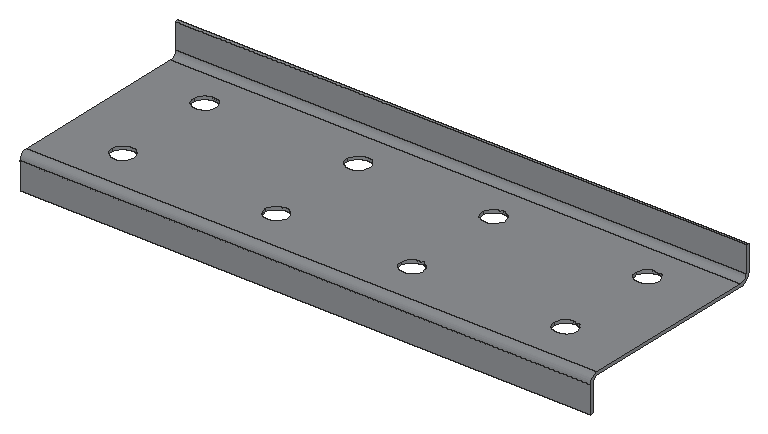
Revit family "Connection-Splice Plate-Steel & Tube-HST", category Structural Connections, host Face, Revit 2017
Family settings
  Host = Face
  Material for Model Behavior = Steel
  OmniClass Number = 23.25.05.17.11
  OmniClass Title = Column Bases
  Enable cutting in views = Yes
  Cut with Voids When Loaded = No
  Shared = Yes
Parameters (values of type "HST150")
  m = if(Height_ANZRS = 250 mm, 180 mm, 120 mm)  # 120 mm
  g = if(Height_ANZRS = 152 mm, 80 mm, if(Height_ANZRS = 203 mm, 120 mm, if(Height_ANZRS = 250 mm, 160 mm, if(Height_ANZRS = 300 mm, 200 mm, if(Height_ANZRS = 350 mm, 240 mm, 280 mm)))))  # 80 mm
  Width_ANZRS = PlateThickness_ANZRS + (2 * Flange)  # 51.95 mm
  Uniclass2015Version = "2015"  # constant formula
  Uniclass2015Title = "Cold-formed galvanized steel sections"  # constant formula
  Uniclass2015Code = "Pr_20_76_51_21"  # constant formula
  URL = "http://www.steelandtube.co.nz"
  Type Comments = "HST Steel Purlin Splicing Plate"  # constant formula
  SpecificationReference = "3411ST"  # constant formula
  SpecificationDescription = "Steel & Tube Purlins & Girts"  # constant formula
  PlateThickness_ANZRS = if(Height_ANZRS < 300 mm, 1.95 mm, 3 mm)  # 1.95 mm
  ModifiedIssue_ANZRS = 20160520.01  # constant formula
  Model = if(Height_ANZRS = 152 mm, "HST150", if(Height_ANZRS = 203 mm, "HST200", if(Height_ANZRS = 250 mm, "HST250", if(Height_ANZRS = 300 mm, "HST300", if(Height_ANZRS = 350 mm, "HST350", "HST400")))))  # "HST150"
  Material_ANZRS = Metal-Steel-450MPa
  Material Standard = "Steel & Tube’s HST purlins and Girts profiles are manufactured from materials conforming to AS1397:2011"  # constant formula
  ManufacturerURL = "http://www.steelandtube.co.nz"
  ManufacturerName = Manufacturer  # "Steel & Tube"
  Manufacturer = "Steel & Tube"  # constant formula
  Length_ANZRS = 106 mm + (2 * End Calculation)  # 446 mm
  Height_ANZRS = 152 mm
  Flange = if(Height_ANZRS < 300 mm, 25 mm, 45 mm)  # 25 mm
  Extra Bolt Position Calculation = if(Height_ANZRS < 300 mm, 500 mm, m)  # 500 mm
  End Calculation = if(Height_ANZRS < 300 mm, m + 50 mm, (2 * m) + 50 mm)  # 170 mm
  Disclaimer [instance] = "Steel & Tube makes no representations or warranties about the information in this document, including (but not limited to) whether the information, and any materials referred to, are fit for purpose. The user is responsible for ensuring that the information, and any materials referred to, are fit for the purpose for which they are intended to be used. Except as required by law, Steel & Tube is not liable for any cost, loss, claim or expense incurred by any person as a result of any person using or relying on the information in this document."  # constant formula
  Design Standard = "Steel & Tube’s HST purlins and Girts profiles are designed in accordance with AS/NZS 4600:2005."  # constant formula
  Design Instruction = "All the design information should be cross referenced with the current Steel & Tube Purlins and Girts design guide, and AS/NZS 4600:2005"  # constant formula
  Description = "HST Steel Purlins and Girts are high strength lipped profile sections, providing an economic solution for your building project."  # constant formula
  Default Elevation = 0 mm
  CreatedBy_ANZRS = "Design Content"  # constant formula
  CreatedByURL_ANZRS = "http://www.designcontent.com.au"
  CBIDescription = "Structural steelwork"  # constant formula
  CBICode = "3411"  # constant formula
  Assembly Code = "B1020230"
Reference planes
  plane 1 "Center (Front/Back)": y = 0
  plane 2: z = 0
  plane 3 "Center (Left/Right)": x = 0
  plane 4 "Beam Top": y = 76
  plane 5 "Beam Bottom": y = -76
  plane 6 "Top Flange Underside": y = 74.05
  plane 7 "Bottom Flange Underside": y = -77.95
  plane 8: z = 1.95
  plane 9: z = 26.95
  plane 10: z = -25
  plane 11: x = -3
  plane 12: x = 3
  plane 13 "Left Middle Bolt Centre": x = -53
  plane 14 "Right Middle Bolt Centre": x = 53
  plane 15 "Left": x = -223
  plane 16 "Right": x = 223
  plane 17 "Left Bolt Centre": x = -173
  plane 18 "Right Bolt Centre": x = 173
  plane 19: x = -553
  plane 20: x = 553
  plane 21 "Upper Bolt": y = 40
  plane 22 "Lower Bolt": y = -40
Forms (mm)
  Sweep 1, solid, material "Metal-Steel-450MPa" <- "Material_ANZRS", detail levels medium
    path origin (0, 0, 0) x (1, 0, 0) y (0, 1, 0)
      loop
        line (-223, 0) -> (223, 0)
    profile origin (0, 0, 0) x (0, 1, 0) y (0, 0, 1)
      loop
        line (76, 26.95) -> (74.05, 26.95) -> (74.05, 1.95) -> (-77.95, 1.95) -> (-77.95, -25) -> (-76, -25) -> (-76, 0) -> (76, 0) -> (76, 26.95)
  Sweep 2, solid, material "Metal-Steel-450MPa" <- "Material_ANZRS", detail levels fine
    path origin (0, 0, 0) x (1, 0, 0) y (0, 1, 0)
      loop
        line (-223, 0) -> (223, 0)
    profile origin (0, 0, 0) x (0, 1, 0) y (0, 0, 1)
      loop
        line (76, 26.95) -> (74.05, 26.95) -> (74.05, 6.95)
        arc (74.05, 6.95) -> (72.586, 3.414) -> (69.05, 1.95) r 5
        line (69.05, 1.95) -> (-72, 1.95)
        arc (-72, 1.95) -> (-76.207, 0.207) -> (-77.95, -4) r 5.95
        line (-77.95, -4) -> (-77.95, -25) -> (-76, -25) -> (-76, -4)
        arc (-76, -4) -> (-74.828, -1.172) -> (-72, 0) r 4
        line (-72, 0) -> (69.05, 0)
        arc (69.05, 0) -> (73.964, 2.036) -> (76, 6.95) r 6.95
        line (76, 6.95) -> (76, 26.95)
  Extrusion 3, void
    sketch origin (0, 0, 0) x (1, 0, 0) y (0, 1, 0)
      loop
        circle (-173, 40) r 9
      loop
        circle (-173, -40) r 9
      loop
        circle (-53, 40) r 9
      loop
        circle (-53, -40) r 9
      loop
        circle (53, 40) r 9
      loop
        circle (53, -40) r 9
      loop
        circle (173, 40) r 9
      loop
        circle (173, -40) r 9
    from -25 to 26.95
  Extrusion 4, void
    sketch origin (0, 0, 0) x (1, 0, 0) y (0, 1, 0)
      loop
        circle (-553, 40) r 9
      loop
        circle (-553, -40) r 9
      loop
        circle (553, 40) r 9
      loop
        circle (553, -40) r 9
    from -25 to 26.95
Cuts and joins
  Extrusion 3, Extrusion 4 cuts Sweep 2
Dimensions and locks
  equal spacing: plane 5 "Beam Bottom", plane 1 "Center (Front/Back)", plane 4 "Beam Top"
  "Height_ANZRS": plane 5 "Beam Bottom" to plane 4 "Beam Top"
  "PlateThickness_ANZRS": plane 6 "Top Flange Underside" to plane 4 "Beam Top"
  "PlateThickness_ANZRS": plane 7 "Bottom Flange Underside" to plane 5 "Beam Bottom"
  "PlateThickness_ANZRS": plane 8 to plane 2
  "Flange": plane 2 to plane 10
  "Flange": plane 9 to plane 8
  equal spacing: plane 11, plane 3 "Center (Left/Right)", plane 12
  locked: plane 11 to plane 12 at 6
  locked: plane 13 "Left Middle Bolt Centre" to plane 11 at 50
  locked: plane 12 to plane 14 "Right Middle Bolt Centre" at 50
  "End Calculation": plane 15 "Left" to plane 13 "Left Middle Bolt Centre"
  "End Calculation": plane 14 "Right Middle Bolt Centre" to plane 16 "Right"
  "Extra Bolt Position Calculation": plane 19 to plane 13 "Left Middle Bolt Centre"
  "Extra Bolt Position Calculation": plane 14 "Right Middle Bolt Centre" to plane 20
  locked: plane 15 "Left" to plane 17 "Left Bolt Centre" at 50
  locked: plane 18 "Right Bolt Centre" to plane 16 "Right" at 50
  equal spacing: plane 22 "Lower Bolt", plane 1 "Center (Front/Back)", plane 21 "Upper Bolt"
  "g": plane 22 "Lower Bolt" to plane 21 "Upper Bolt"
  radius of Sweep 2 sketch curve = 5 mm
  radius of Sweep 2 sketch curve = 4 mm
  aligned and locked: plane 2 to host face
  aligned and locked: level to host face
  aligned and locked: plane 1 "Center (Front/Back)" to Sweep 1 sketch curve
  aligned and locked: plane 15 "Left" to Sweep 1 sketch curve
  aligned and locked: plane 16 "Right" to Sweep 1 sketch curve
  aligned and locked: Sweep 1 sketch curve to plane 4 "Beam Top"
  aligned and locked: plane 6 "Top Flange Underside" to Sweep 1 sketch curve
  aligned and locked: plane 9 to Sweep 1 sketch curve
  aligned and locked: plane 7 "Bottom Flange Underside" to Sweep 1 sketch curve
  aligned and locked: Sweep 1 sketch curve to plane 5 "Beam Bottom"
  aligned and locked: Sweep 1 sketch curve to plane 10
  aligned and locked: Sweep 1 sketch curve to plane 2
  aligned and locked: plane 8 to Sweep 1 sketch curve
  aligned and locked: plane 1 "Center (Front/Back)" to Sweep 2 sketch curve
  aligned and locked: plane 15 "Left" to Sweep 2 sketch curve
  aligned and locked: plane 16 "Right" to Sweep 2 sketch curve
  aligned and locked: Sweep 2 sketch curve to plane 4 "Beam Top"
  aligned and locked: plane 6 "Top Flange Underside" to Sweep 2 sketch curve
  aligned and locked: plane 9 to Sweep 2 sketch curve
  aligned and locked: plane 8 to Sweep 2 sketch curve
  aligned and locked: Sweep 2 sketch curve to plane 2
  aligned and locked: Sweep 2 sketch curve to plane 5 "Beam Bottom"
  aligned and locked: plane 7 "Bottom Flange Underside" to Sweep 2 sketch curve
  aligned and locked: Sweep 2 sketch curve to plane 10
  aligned and locked: plane 17 "Left Bolt Centre" to Extrusion 3 sketch curve  (x2)
  aligned and locked: plane 21 "Upper Bolt" to Extrusion 3 sketch curve  (x4)
  aligned and locked: plane 22 "Lower Bolt" to Extrusion 3 sketch curve  (x4)
  aligned and locked: plane 18 "Right Bolt Centre" to Extrusion 3 sketch curve  (x2)
  aligned and locked: plane 14 "Right Middle Bolt Centre" to Extrusion 3 sketch curve  (x2)
  aligned and locked: plane 13 "Left Middle Bolt Centre" to Extrusion 3 sketch curve  (x2)
  aligned and locked: Extrusion 3 to plane 10
  aligned and locked: plane 9 to Extrusion 3
  aligned and locked: plane 21 "Upper Bolt" to Extrusion 4 sketch curve  (x2)
  aligned and locked: plane 22 "Lower Bolt" to Extrusion 4 sketch curve  (x2)
  aligned and locked: plane 19 to Extrusion 4 sketch curve  (x2)
  aligned and locked: plane 20 to Extrusion 4 sketch curve  (x2)
  aligned and locked: Extrusion 4 to plane 10
  aligned and locked: plane 9 to Extrusion 4
Automatic sketch dimensions
  host sketch curve to host sketch curve = 2438.4 mm  (x2)
  Sweep 2 sketch curve to Sweep 2 sketch curve = 0 mm  (x2)
  radius of Extrusion 3 sketch curve = 9 mm  (x8)
  radius of Extrusion 4 sketch curve = 9 mm  (x4)
Types in the file's own list only (5): name | m | g | Width_ANZRS | PlateThickness_ANZRS | ModifiedIssue_ANZRS | Model | Length_ANZRS | Height_ANZRS | Flange | Extra Bolt Position Calculation | End Calculation
  HST200 | 120 mm | 120 mm | 51.95 mm | 1.95 mm | 20160520.01 $ | "HST200" | 446 mm | 203 mm | 25 mm | 500 mm | 170 mm
  HST250 | 180 mm | 160 mm | 51.95 mm | 1.95 mm | 20160520.01 $ | "HST250" | 566 mm | 250 mm | 25 mm | 500 mm | 230 mm
  HST300 | 120 mm | 200 mm | 93 mm | 3 mm | 20160520.01 $ | "HST300" | 686 mm | 300 mm | 45 mm | 120 mm | 290 mm
  HST350 | 120 mm | 240 mm | 93 mm | 3 mm | 20160520.01 $ | "HST350" | 686 mm | 350 mm | 45 mm | 120 mm | 290 mm
  HST400 | 120 mm | 280 mm | 93 mm | 3 mm | 20160520.01 $ | "HST400" | 686 mm | 400 mm | 45 mm | 120 mm | 290 mm
